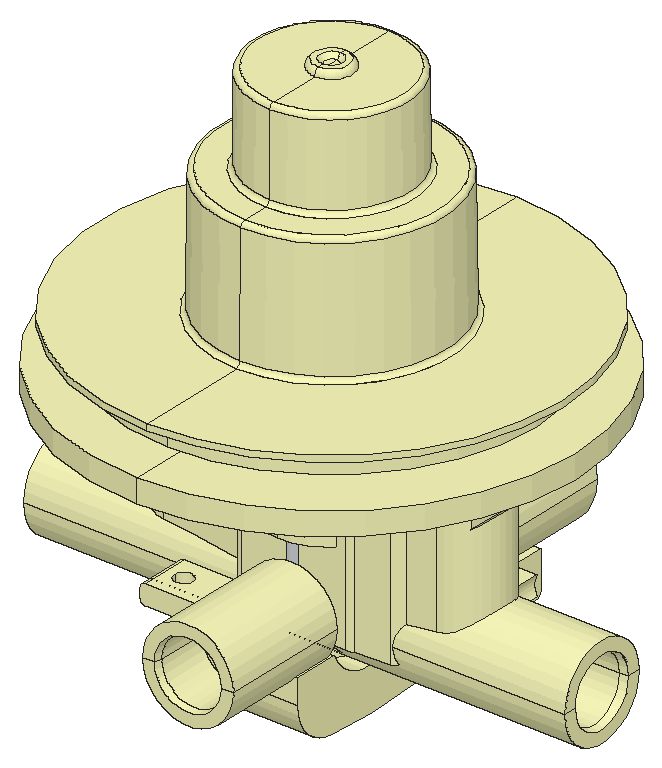
Revit family "S261XBODY_ZV-1966", category Plumbing Fixtures, host Face, Revit 2019
Family settings
  Host = Face
  Round Connector Dimension = Use Diameter
  Part Type = Normal
  OmniClass Number = 23.65.55.00
  OmniClass Title = Distribution of Supplied Liquids/Gases
  Cut with Voids When Loaded = No
  Shared = No
  Room Calculation Point = No
Parameters (values of type "Satin Nickel")
  zz Text 2 = "None Selected"
  zz Text 1 = "None Selected"
  zz Length 9 [instance] = 4.000"  # constant formula
  zz Length 10 [instance] = 0.100"
  URL = "http://www.symmons.com/"
  Product Page URL = "http://www.symmons.com/Bathroom-Products/Dia/Symmons-Dia-Shower-Valve-3500-CYL-B.aspx"
  Product Material = Nickel - Symmons - Satin
  Product Documentation Link = "http://www.symmons.com/~/media/Files/Symmons/Products/Dia/3500CYL_Dia_sub.pdf"
  Part Number [instance] = Model  # "3500-CYL-B-STN"
  Part Description [instance] = Description  # "Shower Valve System with Symmons Temptrol mixing valve, Satin Nickel"
  Model Disclaimer = "Contact Symmons Industries, Inc. For More Information"  # constant formula
  Model = "3500-CYL-B-STN"
  Manufacturer = "Symmons Industries, Inc."  # constant formula
  Family Version = "1.0"  # constant formula
  Equipment Number [instance] = ""
  Equipment Abbreviation = "SVS"
  Description = "Shower Valve System with Symmons Temptrol mixing valve, Satin Nickel"
  Default Elevation = 0.000"  # constant formula
  Date Modified = "January 30, 2015"  # constant formula
  Date Created = "January 30, 2015"  # constant formula
  Copyright = "©2015 Symmons Industries, Inc."  # constant formula
Types (2): name | Product Material | Part Number | Part Description | Model | Description
  Chrome | Chrome - Symmons - Polished | "3500-CYL-B" | "Shower Valve System with Symmons Temptrol mixing valve,Chrome" | "3500-CYL-B" | "Shower Valve System with Symmons Temptrol mixing valve,Chrome"
  Satin Nickel | Nickel - Symmons - Satin | "3500-CYL-B-STN" | "Shower Valve System with Symmons Temptrol mixing valve, Satin Nickel" | "3500-CYL-B-STN" | "Shower Valve System with Symmons Temptrol mixing valve, Satin Nickel"
Reference planes (in)
  plane 1 "Center (Front/Back)": y = 0
  plane 2 "Center (Elevation)": z = 0
  plane 3 "Center (Left/Right)": x = 0
  plane 4: x = -2
  plane 5: y = 3.75
  plane 6: y = -3.75
  plane 7: x = 2
  plane 8: z = 0
  plane 9: x = 0.28006
  plane 10: x = -0.28006
  plane 11: y = -5.75
Forms (in)
  Revolve 1, solid, material "Nickel - Symmons - Satin" <- "Product Material"
    sketch origin (0, 0, 0) x (0, 1, 0) y (0, 0, 1)
      loop
        line (0, 2.21646) -> (-0.06803, 2.21646) -> (-0.11007, 2.2585) -> (-0.16644, 2.2585)
        spline (-0.16644, 2.2585) -> (-0.17219, 2.25393) -> (-0.17745, 2.24916) -> (-0.1822, 2.24419) -> (-0.18645, 2.23901) -> (-0.1902, 2.23363) -> (-0.19345, 2.22805) -> (-0.1962, 2.22226) -> (-0.19845, 2.21627) -> (-0.20021, 2.21008) -> (-0.20146, 2.20368) -> (-0.20221, 2.19708) -> (-0.20246, 2.19028)
        line (-0.20246, 2.19028) -> (-0.70043, 2.19028)
        arc (-0.70043, 2.19028) -> (-0.73555, 2.17573) -> (-0.7501, 2.14061) r 0.04967
        line (-0.7501, 2.14061) -> (-0.75627, 1.36063)
        arc (-0.75627, 1.36063) -> (-0.76874, 1.32795) -> (-0.79876, 1.31) r 0.05341
        line (-0.79876, 1.31) -> (-1.05243, 1.31)
        arc (-1.05243, 1.31) -> (-1.08764, 1.29542) -> (-1.10222, 1.26022) r 0.04978
        line (-1.10222, 1.26022) -> (-1.11339, 0.10988)
        arc (-1.11339, 0.10988) -> (-1.12597, 0.07687) -> (-1.15702, 0.06) r 0.05089
        line (-1.15702, 0.06) -> (-2.25, 0.06) -> (-2.25, 0) -> (-2, 0) -> (-2, -0.25) -> (-0.78161, -0.25) -> (-0.78161, -0.35747) -> (-2.375, -0.35747) -> (-2.375, -0.58274) -> (-1.27892, -0.58274) -> (-1.27892, -0.90454) -> (-0.65331, -0.90454) -> (-0.65331, -1.63891) -> (-0.48861, -1.70959) -> (-0.48861, -2.68647) -> (0, -2.68647) -> (0, 2.21646)
      axis (0, -2.68647) -> (0, 2.2585)
    angle from 0 to 360
  Revolve 2, solid, material "Nickel - Symmons - Satin" <- "Product Material"
    sketch origin (0, 0, -2.36152) x (1, 0, 0) y (0, 1, 0)
      loop
        line (-0.43131, 2.5668) -> (-0.52802, 2.5668) -> (-0.52802, 0.48861) -> (0, 0.48861) -> (0, 1.28335) -> (-0.41606, 1.28335) -> (-0.41606, 2.4803) -> (-0.43131, 2.5668)
      axis (0, 0.48861) -> (0, 2.5668)
    angle from 0 to 360
  Extrusion 3, solid, material "Nickel - Symmons - Satin" <- "Product Material"
    sketch origin (0, 0, 0) x (1, 0, 0) y (0, 1, 0)
      loop
        arc (-1.36, 0.35575) -> (-1.71575, 0) -> (-1.36, -0.35575) r 0.35575
        line (-1.36, -0.35575) -> (-0.58109, -0.39657)
        arc (-0.58109, -0.39657) -> (-0.54948, -0.45911) -> (-0.48592, -0.48861) r 0.10683
        line (-0.48592, -0.48861) -> (0.52451, -0.48861)
        arc (0.52451, -0.48861) -> (0.55902, -0.48425) -> (0.59137, -0.47142) r 0.13855
        line (0.59137, -0.47142) -> (0.93948, -0.45317) -> (1.03901, -0.3957) -> (1.33, -0.38045)
        arc (1.33, -0.38045) -> (1.71045, 0) -> (1.33, 0.38045) r 0.38045
        line (1.33, 0.38045) -> (1.03901, 0.3957) -> (0.93948, 0.45317) -> (0.59137, 0.47142)
        arc (0.59137, 0.47142) -> (0.55902, 0.48425) -> (0.52451, 0.48861) r 0.13855
        line (0.52451, 0.48861) -> (-0.48592, 0.48861)
        arc (-0.48592, 0.48861) -> (-0.54948, 0.45911) -> (-0.58109, 0.39657) r 0.10683
        line (-0.58109, 0.39657) -> (-1.36, 0.35575)
    from -2.50607 to -0.6861
  Extrusion 4, void
    sketch origin (0, 0, 0) x (1, 0, 0) y (0, 0, 1)
      loop
        line (-0.94512, -1.3103) -> (-0.94512, -1.3945)
        arc (-0.94512, -1.3945) -> (-0.92757, -1.43687) -> (-0.8852, -1.45442) r 0.05992
        line (-0.8852, -1.45442) -> (-0.70999, -1.45442)
        arc (-0.70999, -1.45442) -> (-0.67066, -1.43813) -> (-0.65436, -1.39879) r 0.05563
        line (-0.65436, -1.39879) -> (-0.65436, -1.0061) -> (-1.03448, -1.0061) -> (-1.03448, -1.26752)
        arc (-1.03448, -1.26752) -> (-0.97632, -1.26076) -> (-0.94512, -1.3103) r 0.05492
    from -0.53945 to 0.69208
  Extrusion 5, solid, material "Nickel - Symmons - Satin" <- "Product Material"
    sketch origin (-0.09375, -0.34375, 0.10336) x (0.969274, -0.245985, 0) y (0, 0, 1)
      loop
        line (-1.55248, -0.6861) -> (-2.29197, -0.6861) -> (-1.55248, -1.31139) -> (-1.55248, -0.6861)
    from -0.24314 to -0.18365
  Extrusion 6, solid, material "Nickel - Symmons - Satin" <- "Product Material"
    sketch origin (-0.09375, 0.34375, 0.10336) x (0.969274, 0.245985, 0) y (0, 0, -1)
      loop
        line (-1.55248, 0.6861) -> (-1.55248, 1.31139) -> (-2.29197, 0.6861) -> (-1.55248, 0.6861)
    from -0.24314 to -0.18365
  Extrusion 7, solid, material "Nickel - Symmons - Satin" <- "Product Material"
    sketch origin (0.09375, -0.34375, 0.10298) x (-0.969274, -0.245985, 0) y (0, 0, -1)
      loop
        line (-1.55248, 0.6861) -> (-1.55248, 1.31139) -> (-2.29197, 0.6861) -> (-1.55248, 0.6861)
    from -0.24314 to -0.18365
  Extrusion 8, solid, material "Nickel - Symmons - Satin" <- "Product Material"
    sketch origin (0.09375, 0.34375, 0.10298) x (-0.969274, 0.245985, 0) y (0, 0, 1)
      loop
        line (-1.55248, -0.6861) -> (-2.29197, -0.6861) -> (-1.55248, -1.31139) -> (-1.55248, -0.6861)
    from -0.24314 to -0.18365
  Extrusion 9, solid, material "Nickel - Symmons - Satin" <- "Product Material"
    sketch origin (0, -1.38856, 0) x (1, 0, 0) y (0, 0, 1)
      loop
        arc (-0.48809, -2.44681) -> (-0.51906, -2.35032) -> (-0.48809, -2.25383) r 0.16582
        line (-0.48809, -2.25383) -> (-1.02157, -2.25383)
        arc (-1.02157, -2.25383) -> (-1.0604, -2.26992) -> (-1.07649, -2.30876) r 0.05492
        line (-1.07649, -2.30876) -> (-1.07649, -2.39189)
        arc (-1.07649, -2.39189) -> (-1.0604, -2.43073) -> (-1.02157, -2.44681) r 0.05492
        line (-1.02157, -2.44681) -> (-0.48809, -2.44681)
    from -0.88244 to -0.40415
  Extrusion 10, void
    sketch origin (0, -1.46668, 0) x (1, 0, 0) y (0, 1, 0)
      loop
        circle (-0.8499, 0.73145) r 0.08989
    from -2.66159 to -2.18107
  Extrusion 11, solid, material "Nickel - Symmons - Satin" <- "Product Material"
    sketch origin (1.70465, 0.09953, 0) x (1, 0, 0) y (0, 0, 1)
      loop
        arc (-0.48809, -2.44681) -> (-0.51906, -2.35032) -> (-0.48809, -2.25383) r 0.16582
        line (-0.48809, -2.25383) -> (-1.02157, -2.25383)
        arc (-1.02157, -2.25383) -> (-1.0604, -2.26992) -> (-1.07649, -2.30876) r 0.05492
        line (-1.07649, -2.30876) -> (-1.07649, -2.39189)
        arc (-1.07649, -2.39189) -> (-1.0604, -2.43073) -> (-1.02157, -2.44681) r 0.05492
        line (-1.02157, -2.44681) -> (-0.48809, -2.44681)
    from -0.88244 to -0.40415
  Extrusion 12, void
    sketch origin (1.70465, 0.02141, 0) x (1, 0, 0) y (0, 1, 0)
      loop
        circle (-0.8499, 0.73145) r 0.08989
    from -2.66159 to -2.18107
  Revolve 13, solid
    sketch origin (0, 0, 0) x (1, 0, 0) y (0, 0, 1)
      loop
        line (0, -0.28563) -> (0, -1.74532)
        arc (0, -1.74532) -> (0.28854, -1.76853) -> (0.49432, -1.97212) r 0.42224
        line (0.49432, -1.97212) -> (0.49432, -0.35747) -> (0.53808, -0.35747)
        arc (0.53808, -0.35747) -> (0.51703, -0.30667) -> (0.46623, -0.28563) r 0.07184
        line (0.46623, -0.28563) -> (0, -0.28563)
      axis (0, -0.28563) -> (0, -1.97212)
    angle from 0 to 360
  Extrusion 14, solid, material "Nickel - Symmons - Satin" <- "Product Material"
    sketch origin (0, 0, 0) x (0, 1, 0) y (0, 0, 1)
      loop
        line (1.78029, -1.71575) -> (1.78029, -0.7912) -> (1.74719, -0.7912) -> (1.74719, -0.58274) -> (1.18242, -0.58274) -> (1.18242, -0.90454) -> (0.87061, -0.90454) -> (0.87061, -1.82669) -> (0.52996, -1.82669) -> (0.52996, -1.93415) -> (1.4425, -1.96602)
        arc (1.4425, -1.96602) -> (1.65514, -1.89992) -> (1.78029, -1.71575) r 0.3374
    from -0.49432 to 0.49432
  Extrusion 15, solid, material "Nickel - Symmons - Satin" <- "Product Material"
    sketch origin (0, 0, 0) x (0, 1, 0) y (0, 0, 1)
      loop
        line (2.06078, -2.7872) -> (0.26835, -2.7872)
        arc (0.26835, -2.7872) -> (-0.13396, -2.8834) -> (-0.45127, -2.61802) r 0.46067
        line (-0.45127, -2.61802) -> (-0.88922, -2.61802) -> (-0.88922, -2.86802)
        arc (-0.88922, -2.86802) -> (-0.76524, -3.16734) -> (-0.46592, -3.29133) r 0.4233
        line (-0.46592, -3.29133) -> (0.00029, -3.31576) -> (2.00392, -3.21075)
        arc (2.00392, -3.21075) -> (2.04413, -3.1941) -> (2.06078, -3.15389) r 0.05686
        line (2.06078, -3.15389) -> (2.06078, -2.7872)
    from -0.38491 to 0.38636
  Revolve 16, solid, material "Nickel - Symmons - Satin" <- "Product Material"
    sketch origin (0, 0, -2.34766) x (1, 0, 0) y (0, 1, 0)
      loop
        line (-2.63857, 0.32731) -> (-2.56253, 0.3139) -> (-2.07857, 0.3139) -> (-2.07857, 0.2448) -> (2.07076, 0.2448) -> (2.07076, 0.31483) -> (2.55283, 0.31483) -> (2.63076, 0.32857) -> (2.63076, 0.45029) -> (-2.63857, 0.45029) -> (-2.63857, 0.32731)
      axis (-2.63857, 0) -> (2.63076, 0)
    angle from 0 to 360
  Revolve 17, solid, material "Nickel - Symmons - Satin" <- "Product Material"
    sketch origin (0, -0.30891, -2.35675) x (1, 0, 0) y (0, 1, 0)
      loop
        line (0.314, -0.8783) -> (0.314, -1.36337) -> (0.32721, -1.4383) -> (0.44218, -1.4383) -> (0.44218, -0.17611) -> (0.24621, -0.17611) -> (0.24621, -0.8783) -> (0.314, -0.8783)
      axis (0, -1.4383) -> (0, -0.17611)
    angle from 0 to 360
Cuts and joins
  Extrusion 4 cuts Extrusion 3
  joined: Extrusion 3, Extrusion 5, Extrusion 6, Extrusion 7, Extrusion 8
  Extrusion 10, Extrusion 12 cuts Extrusion 9
  Extrusion 12 cuts Extrusion 11
Lines and regions (in)
  model lines
    curve 1: line (0, -2.30436, 0) -> (0, 2.30436, 0)
Dimensions and locks (in)
  equal spacing: plane 4, plane 3 "Center (Left/Right)", plane 7
  "zz Length 9": plane 4 to plane 7
  equal spacing: plane 5, plane 1 "Center (Front/Back)", plane 6
  locked: plane 5 to plane 6 at 7.5
  equal spacing: plane 10, plane 3 "Center (Left/Right)", plane 9
  locked: plane 10 to plane 9 at 0.56011
  locked: plane 6 to plane 11 at 2
  aligned and locked: plane 2 "Center (Elevation)" to host face
  aligned and locked: level to host face
Automatic sketch dimensions
  curve 1 to plane 3 "Center (Left/Right)" = 0.000"
  plane 6 to curve 1 = 1.44564"
  curve 1 to plane 5 = 1.44564"
  host sketch curve to host sketch curve = 4.000"  (x2)
  Revolve 1 sketch curve to level = 0.000"
  Revolve 1 sketch curve to plane 1 "Center (Front/Back)" = 0.000"  (x2)
  plane 1 "Center (Front/Back)" to Revolve 1 sketch curve = 0.06803"
  Revolve 1 sketch curve to Revolve 1 sketch curve = 0.04204"
  Revolve 1 sketch curve to Revolve 1 sketch curve = 0.05637"
  Revolve 1 sketch curve to Revolve 1 sketch curve = 0.03602"
  plane 1 "Center (Front/Back)" to Revolve 1 sketch curve = 0.48861"
  Revolve 1 sketch curve to Revolve 1 sketch curve = 0.16469"
  Revolve 1 sketch curve to Revolve 1 sketch curve = 0.49797"
  Revolve 1 sketch curve to Revolve 1 sketch curve = 0.04967"
  plane 1 "Center (Front/Back)" to Revolve 1 sketch curve = 0.75627"
  Revolve 1 sketch curve to level = 0.250"
  Revolve 1 sketch curve to Revolve 1 sketch curve = 0.12831"
  Revolve 1 sketch curve to Revolve 1 sketch curve = 0.04249"
  Revolve 1 sketch curve to Revolve 1 sketch curve = 0.01089"
  Revolve 1 sketch curve to Revolve 1 sketch curve = 0.25367"
  Revolve 1 sketch curve to Revolve 1 sketch curve = 0.04978"
  level to Revolve 1 sketch curve = 0.10988"
  Revolve 1 sketch curve to Revolve 1 sketch curve = 0.33177"
  Revolve 1 sketch curve to Revolve 1 sketch curve = 0.04363"
  Revolve 1 sketch curve to Revolve 1 sketch curve = 0.05089"
  Revolve 1 sketch curve to Revolve 1 sketch curve = 0.62562"
  Revolve 1 sketch curve to Revolve 1 sketch curve = 0.72108"
  Revolve 1 sketch curve to Revolve 1 sketch curve = 0.250"  (x2)
  Revolve 1 sketch curve to Revolve 1 sketch curve = 0.375"
  Revolve 1 sketch curve to level = 0.35747"
  Revolve 1 sketch curve to Revolve 1 sketch curve = 0.22527"
  Revolve 1 sketch curve to Revolve 1 sketch curve = 0.54707"
  Revolve 1 sketch curve to Revolve 1 sketch curve = 0.73438"
  Revolve 1 sketch curve to Revolve 1 sketch curve = 0.07067"
  Revolve 1 sketch curve to Revolve 1 sketch curve = 0.97689"
  level to Revolve 1 sketch curve = 0.060"
  Revolve 1 sketch curve to Revolve 1 sketch curve = 1.15034"
  Revolve 1 sketch curve to Revolve 1 sketch curve = 0.05063"
  Revolve 1 sketch curve to Revolve 1 sketch curve = 0.77997"
  Revolve 1 sketch curve to Revolve 1 sketch curve = 0.02618"
  Revolve 1 sketch curve to Revolve 1 sketch curve = 0.06822"
  Revolve 1 sketch curve to Revolve 1 sketch curve = 0.06846"
  Revolve 2 sketch curve to plane 3 "Center (Left/Right)" = 0.000"  (x2)
  Revolve 2 sketch curve to plane 10 = 0.13601"
  Revolve 2 sketch curve to plane 10 = 0.15126"
  Revolve 2 sketch curve to Revolve 2 sketch curve = 0.09671"
  Revolve 2 sketch curve to plane 1 "Center (Front/Back)" = 0.48861"
  Revolve 2 sketch curve to Revolve 2 sketch curve = 0.79473"
  Revolve 2 sketch curve to Revolve 2 sketch curve = 1.19696"
  Revolve 2 sketch curve to Revolve 2 sketch curve = 0.0865"
  Revolve 2 sketch curve to Revolve 2 sketch curve = 0.2968"
  Revolve 2 sketch curve to Revolve 2 sketch curve = 0.33789"
  plane 1 "Center (Front/Back)" to Extrusion 3 sketch curve = 0.000"  (x2)
  plane 4 to Extrusion 3 sketch curve = 0.640"
  Extrusion 3 sketch curve to plane 10 = 0.30104"  (x2)
  Extrusion 3 sketch curve to Extrusion 3 sketch curve = 0.09517"  (x2)
  Extrusion 3 sketch curve to Extrusion 3 sketch curve = 0.01071"
  Extrusion 3 sketch curve to Extrusion 3 sketch curve = 0.10588"
  plane 9 to Extrusion 3 sketch curve = 0.24445"  (x2)
  Extrusion 3 sketch curve to Extrusion 3 sketch curve = 0.06686"  (x2)
  Extrusion 3 sketch curve to Extrusion 3 sketch curve = 0.34811"  (x2)
  Extrusion 3 sketch curve to Extrusion 3 sketch curve = 0.09954"  (x2)
  Extrusion 3 sketch curve to Extrusion 3 sketch curve = 0.29099"
  plane 1 "Center (Front/Back)" to Extrusion 3 sketch curve = 0.35006"
  Extrusion 3 sketch curve to Extrusion 3 sketch curve = 0.35575"
  plane 1 "Center (Front/Back)" to Extrusion 3 sketch curve = 0.38045"
  plane 1 "Center (Front/Back)" to Extrusion 3 sketch curve = 0.38232"
  Extrusion 3 sketch curve to Extrusion 3 sketch curve = 0.01525"  (x2)
  Extrusion 3 sketch curve to Extrusion 3 sketch curve = 0.01425"  (x2)
  Extrusion 3 sketch curve to Extrusion 3 sketch curve = 0.05747"  (x2)
  Extrusion 3 sketch curve to plane 1 "Center (Front/Back)" = 0.35006"
  Extrusion 3 sketch curve to plane 1 "Center (Front/Back)" = 0.38232"
  Extrusion 4 sketch curve to plane 10 = 0.75443"
  Extrusion 4 sketch curve to Extrusion 4 sketch curve = 0.03444"
  Extrusion 4 sketch curve to Extrusion 4 sketch curve = 0.05492"
  Extrusion 4 sketch curve to Extrusion 4 sketch curve = 0.05992"
  Extrusion 4 sketch curve to Extrusion 4 sketch curve = 0.1752"
  Extrusion 4 sketch curve to plane 10 = 0.37431"
  Extrusion 4 sketch curve to level = 1.45442"
  Extrusion 4 sketch curve to Extrusion 4 sketch curve = 0.0842"
  Extrusion 4 sketch curve to Extrusion 4 sketch curve = 0.26142"
  Extrusion 5 sketch curve to level = 0.58274"
  Extrusion 5 sketch curve to level = 1.20803"
  Extrusion 5 sketch curve to Extrusion 5 sketch curve = 0.73949"
  Extrusion 6 sketch curve to level = 0.58274"
  Extrusion 6 sketch curve to level = 1.20803"
  Extrusion 6 sketch curve to Extrusion 6 sketch curve = 0.73949"
  Extrusion 7 sketch curve to level = 0.58312"
  Extrusion 7 sketch curve to level = 1.20841"
  Extrusion 7 sketch curve to Extrusion 7 sketch curve = 0.73949"
  Extrusion 8 sketch curve to level = 0.58312"
  Extrusion 8 sketch curve to level = 1.20841"
  Extrusion 8 sketch curve to Extrusion 8 sketch curve = 0.73949"
  Extrusion 9 sketch curve to plane 10 = 0.79643"
  Extrusion 9 sketch curve to Extrusion 9 sketch curve = 0.05492"  (x2)
  Extrusion 9 sketch curve to plane 10 = 0.20804"
  Extrusion 9 sketch curve to Extrusion 9 sketch curve = 0.000"
  Extrusion 9 sketch curve to plane 10 = 0.07319"
  Extrusion 9 sketch curve to level = 2.44681"
  Extrusion 9 sketch curve to Extrusion 9 sketch curve = 0.09649"
  Extrusion 10 sketch curve to plane 10 = 0.56984"
  plane 1 "Center (Front/Back)" to Extrusion 10 sketch curve = 0.73524"
  plane 9 to Extrusion 11 sketch curve = 0.3481"
  Extrusion 11 sketch curve to Extrusion 11 sketch curve = 0.05492"  (x2)
  Extrusion 11 sketch curve to Extrusion 11 sketch curve = 0.53347"
  Extrusion 11 sketch curve to Extrusion 11 sketch curve = 0.000"
  Extrusion 11 sketch curve to Extrusion 11 sketch curve = 0.13485"
  Extrusion 11 sketch curve to level = 2.44681"
  Extrusion 11 sketch curve to Extrusion 11 sketch curve = 0.09649"
  plane 9 to Extrusion 12 sketch curve = 0.57469"
  Extrusion 12 sketch curve to plane 1 "Center (Front/Back)" = 0.75286"
  Revolve 13 sketch curve to plane 3 "Center (Left/Right)" = 0.000"  (x2)
  plane 3 "Center (Left/Right)" to Revolve 13 sketch curve = 0.11246"
  plane 9 to Revolve 13 sketch curve = 0.18618"
  Revolve 13 sketch curve to Revolve 13 sketch curve = 0.02809"
  Revolve 13 sketch curve to Revolve 13 sketch curve = 0.04376"
  Revolve 13 sketch curve to level = 2.1523"
  Revolve 13 sketch curve to Revolve 13 sketch curve = 0.18019"
  Revolve 13 sketch curve to level = 0.35747"
  Revolve 13 sketch curve to Revolve 13 sketch curve = 0.000"  (x2)
  Extrusion 14 sketch curve to plane 1 "Center (Front/Back)" = 0.52996"
  Extrusion 14 sketch curve to plane 1 "Center (Front/Back)" = 0.87061"
  Extrusion 14 sketch curve to Extrusion 14 sketch curve = 0.3118"
  Extrusion 14 sketch curve to Extrusion 14 sketch curve = 0.58366"
  Extrusion 14 sketch curve to Extrusion 14 sketch curve = 0.56477"
  Extrusion 14 sketch curve to Extrusion 14 sketch curve = 0.03309"
  Extrusion 14 sketch curve to level = 1.93415"
  Extrusion 14 sketch curve to Extrusion 14 sketch curve = 0.10746"
  Extrusion 14 sketch curve to Extrusion 14 sketch curve = 0.19787"
  Extrusion 14 sketch curve to level = 0.90454"
  Extrusion 14 sketch curve to Extrusion 14 sketch curve = 0.11334"
  Extrusion 14 sketch curve to Extrusion 14 sketch curve = 0.3218"
  Extrusion 14 sketch curve to Extrusion 14 sketch curve = 0.01178"
  Extrusion 14 sketch curve to Extrusion 14 sketch curve = 0.33719"
  plane 1 "Center (Front/Back)" to Extrusion 15 sketch curve = 0.46592"
  Extrusion 15 sketch curve to Extrusion 15 sketch curve = 0.01465"
  plane 1 "Center (Front/Back)" to Extrusion 15 sketch curve = 0.02854"
  Extrusion 15 sketch curve to plane 1 "Center (Front/Back)" = 0.00029"
  Extrusion 15 sketch curve to plane 5 = 1.74608"
  Extrusion 15 sketch curve to Extrusion 15 sketch curve = 0.05686"
  Extrusion 15 sketch curve to level = 3.31576"
  Extrusion 15 sketch curve to Extrusion 15 sketch curve = 0.02443"
  Extrusion 15 sketch curve to Extrusion 15 sketch curve = 0.10501"
  Extrusion 15 sketch curve to Extrusion 15 sketch curve = 0.250"
  Extrusion 15 sketch curve to Extrusion 15 sketch curve = 0.18307"
  Extrusion 15 sketch curve to plane 1 "Center (Front/Back)" = 0.26835"
  Extrusion 15 sketch curve to Extrusion 15 sketch curve = 0.36669"
  plane 1 "Center (Front/Back)" to Revolve 16 sketch curve = 0.000"
  Revolve 16 sketch curve to plane 4 = 0.63857"
  Revolve 16 sketch curve to Revolve 16 sketch curve = 0.07604"  (x2)
  Revolve 16 sketch curve to plane 4 = 0.07857"
  plane 7 to Revolve 16 sketch curve = 0.07076"
  Revolve 16 sketch curve to Revolve 16 sketch curve = 0.48207"
  Revolve 16 sketch curve to Revolve 16 sketch curve = 0.07793"
  Revolve 16 sketch curve to plane 1 "Center (Front/Back)" = 0.2448"
  Revolve 16 sketch curve to Revolve 16 sketch curve = 0.06911"
  Revolve 16 sketch curve to Revolve 16 sketch curve = 0.07003"
  Revolve 16 sketch curve to Revolve 16 sketch curve = 0.01341"
  Revolve 16 sketch curve to Revolve 16 sketch curve = 0.01374"
  Revolve 16 sketch curve to Revolve 16 sketch curve = 0.12298"
  Revolve 16 sketch curve to plane 4 = 0.13857"
  Revolve 17 sketch curve to plane 3 "Center (Left/Right)" = 0.000"
  Revolve 17 sketch curve to plane 9 = 0.03385"
  plane 9 to Revolve 17 sketch curve = 0.03394"
  plane 9 to Revolve 17 sketch curve = 0.04716"
  plane 9 to Revolve 17 sketch curve = 0.16212"
  plane 1 "Center (Front/Back)" to Revolve 17 sketch curve = 1.74721"
  Revolve 17 sketch curve to Revolve 17 sketch curve = 0.07493"  (x2)
  Revolve 17 sketch curve to Revolve 17 sketch curve = 0.48507"
  plane 1 "Center (Front/Back)" to Revolve 17 sketch curve = 0.48502"
  Revolve 17 sketch curve to Revolve 17 sketch curve = 0.18113"
  radius of Extrusion 10 sketch curve = 0.08989"
  radius of Extrusion 12 sketch curve = 0.08989"
Connectors (in)
  piping at (-2.63857, 0, -2.34766), diameter 0.5
    settings: on Revolve 16, index 4, connector inside diameter 24", connector length 0.000", flow factor 0, pipe flow 0 GPM, pressure drop 0.00 psi, fitting loss kfactor 0, connector angle 0.000°, fixture units 0, engagement length 0.000", angle of deflection 0.000°, flow configuration 0, flow direction 0, fitting loss method 0, system type 20, joint type 0, gender type 0, connector reference index -1, connector utility 0, adjustable connector no, is connector primary yes, connector description "Cold Watern Supply"
  piping at (2.63076, 0, -2.34766), diameter 0.5
    settings: on Revolve 16, index 5, connector inside diameter 24", connector length 0.000", flow factor 0, pipe flow 0 GPM, pressure drop 0.00 psi, fitting loss kfactor 0, connector angle 0.000°, fixture units 0, engagement length 0.000", angle of deflection 0.000°, flow configuration 0, flow direction 0, fitting loss method 0, system type 19, joint type 0, gender type 0, connector reference index -1, connector utility 0, adjustable connector no, is connector primary no, connector description "Hot  Water Supply"
  piping at (0, -1.74721, -2.35675), diameter 0.5
    settings: on Revolve 17, index 6, connector inside diameter 24", connector length 0.000", flow factor 0, pipe flow 0 GPM, pressure drop 0.00 psi, fitting loss kfactor 0, connector angle 0.000°, fixture units 0, engagement length 0.000", angle of deflection 0.000°, flow configuration 0, flow direction 0, fitting loss method 0, system type 22, joint type 0, gender type 0, connector reference index -1, connector utility 0, adjustable connector no, is connector primary no, connector description "Shower Head Supply"
  piping at (0, 2.5668, -2.36152), diameter 0.5
    settings: on Revolve 2, index 7, connector inside diameter 24", connector length 0.000", flow factor 0, pipe flow 0 GPM, pressure drop 0.00 psi, fitting loss kfactor 0, connector angle 0.000°, fixture units 0, engagement length 0.000", angle of deflection 0.000°, flow configuration 0, flow direction 0, fitting loss method 0, system type 22, joint type 0, gender type 0, connector reference index -1, connector utility 0, adjustable connector no, is connector primary no, connector description "Tub Spout Supply"
